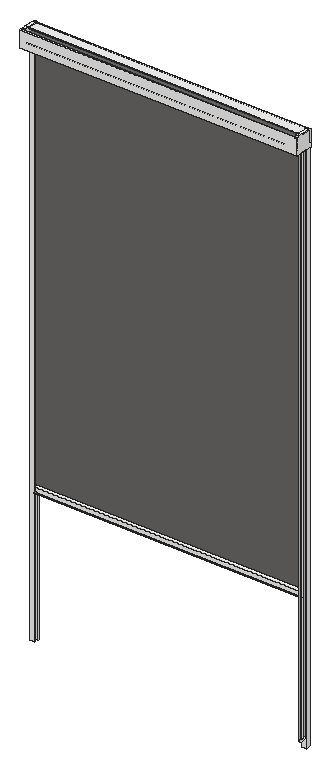
Revit family "Shades-Hunter_Douglas-RB500-Single_Standard_Duty-Clutch-Bracket_Block_Out-3in", category Specialty Equipment, Revit 2024
Family settings
  Round Connector Dimension = Use Diameter
  Part Type = Normal
  OmniClass Number = 23.30.60.14
  OmniClass Title = Interior Window Treatment
  Work Plane-Based = No
  Enable Cutting in Views = No
  Always vertical = Yes
  Cut with Voids When Loaded = No
  Maintain Annotation Orientation = No
  Shared = No
  Room Calculation Point = No
Parameters (values of type "Clutch")
  URL = "https://www.hunterdouglasarchitectural.com/"
  Type Comments = "Block Out Shade"  # constant formula
  Model = "Standard Duty Clutch 3IN Bracket Block Out"  # constant formula
  Manufacturer = "Hunter Douglas Architectural"  # constant formula
  Description = "Standard Duty Clutch Roller Shade"  # constant formula
  Default Elevation = 0' - 0"
  CD_Width [instance] = 4' - 0"
  CD_Warranty = "https://assets.hunterdouglasarchitectural.com/documents/RB500/Lifetime_Guarantee_HDA.pdf?_rand=1465740819000"
  CD_Product Page URL = "https://www.hunterdouglasarchitectural.com/windowcoverings/rollershades/RB500/index.jsp"
  CD_Product Name = "RB 500 Roller Shade System"  # constant formula
  CD_Product Documentation Link = "https://www.hunterdouglasarchitectural.com/windowcoverings/rollershades/RB500/index.jsp#cadDrawing"
  CD_Opening Percentage [instance] = 25
  CD_Microsite = "https://microsite.caddetails.com/1669"
  CD_Install Documentation = "https://www.hunterdouglasarchitectural.com/windowcoverings/rollershades/RB500/index.jsp#installationPage"
  CD_Height Opening [instance] = ((CD_Height - CD_Bracket Height - 0' 1 101/256") * CD_Opening Percentage) / 100  # 1' - 10.90137"
  CD_Height [instance] = 8' - 0"
  CD_Finish Rail = Metal-Aluminum-Hunter_Douglas-Anodized-White
  CD_Finish Frame = Metal-Aluminum-Hunter_Douglas-Anodized-White
  CD_Finish = Fabric-Shade-Hunter_Douglas-5%-E_Screen-Charcoal_Cocoa
  CD_Fabric Sizing Disclaimer = "Designer to verify maximum fabric size with Manufacturer as the maximum fabric size is dependent on finished dimensions"  # constant formula
  CD_Bracket Height = 0' - 3"  # constant formula
  CD_Bracket Depth = 0' - 3 1/32"  # constant formula
  Assembly Code = "E2010300"
Reference planes (in)
  plane 1 "Center (Front/Back)": y = -0.06427
  plane 2 "Bottom": z = 0
  plane 3 "Center (Left/Right)": x = 0
  plane 4 "Top": z = 96
  plane 5 "Left": x = -24
  plane 6 "Right": x = 24
  plane 7 "Back": y = 1.46094
  plane 8 "Front": y = -1.57031
  plane 9 "Opening": z = 22.90137
  plane 10 "Head Height": z = 93
  plane 11 "Shade Left": x = -23.44922
  plane 12 "Shade Right": x = 23.44922
  plane 13 "Blind Location": y = 0.98718
  plane 14 "Center (Elevation)": z = 94.48513
Forms (in)
  Extrusion 1, solid, material "Metal-Aluminum-Hunter_Douglas-Anodized-White" <- "CD_Finish Frame", detail levels coarse
    sketch origin (0, 0, 0) x (0, 1, 0) y (0, 0, 1)
      loop
        line (1.46094, 93) -> (1.46094, 96) -> (-1.57031, 96) -> (-1.57031, 93) -> (1.46094, 93)
    from -24 to 24
  Extrusion 2, solid, material "Metal-Aluminum-Hunter_Douglas-Anodized-White" <- "CD_Finish Rail", detail levels fine
    sketch origin (0, 0, -20.35107) x (0, 1, 0) y (0, 0, 1)
      loop
        line (1.29937, 43.56474) -> (1.29937, 44.33212)
        arc (1.29937, 44.33212) -> (1.0071, 44.64517) -> (0.67475, 44.37505) r 0.31379
        line (0.67475, 44.37505) -> (0.67475, 43.56474)
        arc (0.67475, 43.56474) -> (0.98706, 43.25243) -> (1.29937, 43.56474) r 0.31231
    from -23.44922 to 23.44922
  Extrusion 3, solid, material "Fabric-Shade-Hunter_Douglas-5%-E_Screen-Charcoal_Cocoa" <- "CD_Finish"
    sketch origin (0, 0, 0) x (0, 1, 0) y (0, 0, 1)
      loop
        line (1.00467, 22.90137) -> (1.00467, 93.78125) -> (0.96969, 93.78125) -> (0.96969, 22.90137) -> (1.00467, 22.90137)
    from -23.44922 to 23.44922
  Extrusion 4, solid, material "Metal-Aluminum-Hunter_Douglas-Anodized-White" <- "CD_Finish Rail", detail levels fine
    sketch origin (0, 0, 0) x (1, 0, 0) y (0, 1, 0)
      loop
        line (-23.17198, 1.29937) -> (-23.17198, 1.36218) -> (-24, 1.36218) -> (-24, 0.61218) -> (-23.17198, 0.61218) -> (-23.17198, 0.67475) -> (-23.44922, 0.67475) -> (-23.44922, 1.29937) -> (-23.17198, 1.29937)
      loop
        line (23.17198, 1.29937) -> (23.44922, 1.29937) -> (23.44922, 0.67475) -> (23.17198, 0.67475) -> (23.17198, 0.61218) -> (24, 0.61218) -> (24, 1.36218) -> (23.17198, 1.36218) -> (23.17198, 1.29937)
    from 0 to 93
  Extrusion 5, solid, material "Metal-Aluminum-Hunter_Douglas-Anodized-White" <- "CD_Finish Rail", detail levels coarse
    sketch origin (0, 0, 0) x (1, 0, 0) y (0, 1, 0)
      loop
        line (-24, 1.36218) -> (-24, 0.61218) -> (-23.44922, 0.61218) -> (-23.44922, 1.36218) -> (-24, 1.36218)
      loop
        line (24, 1.36218) -> (23.44922, 1.36218) -> (23.44922, 0.61218) -> (24, 0.61218) -> (24, 1.36218)
    from 0 to 93
  Extrusion 6, solid, material "Fabric-Shade-Hunter_Douglas-5%-E_Screen-Charcoal_Cocoa" <- "CD_Finish"
    sketch origin (0, 0, 0) x (0, 1, 0) y (0, 0, 1)
      loop
        arc (0.88708, 94.09361) -> (-1.00414, 94.45534) -> (0.86036, 93.97449) r 0.96324
        line (0.86036, 93.97449) -> (0.96969, 92.41411) -> (1.00459, 92.41655) -> (0.88708, 94.09361)
    from -23.44922 to 23.44922
  Extrusion 7, solid, material "Metal-Aluminum-Hunter_Douglas-Anodized-White" <- "CD_Finish Frame", detail levels medium+fine
    sketch origin (0, 0, 0.00115) x (0, 1, 0) y (0, 0, 1)
      loop
        arc (0.70388, 92.99885) -> (0.77067, 93.01872) -> (0.81573, 93.07187) r 0.12217
        line (0.81573, 93.07187) -> (-1.4994, 93.07187) -> (-1.4994, 95.87162) -> (-1.57031, 95.87162) -> (-1.57031, 92.99885) -> (0.70388, 92.99885)
    from -24 to 24
  Extrusion 8, solid, material "Metal-Aluminum-Hunter_Douglas-Anodized-White" <- "CD_Finish Frame", detail levels medium+fine
    sketch origin (0, 0, 0.00115) x (0, 1, 0) y (0, 0, 1)
      loop
        line (1.38094, 95.77162) -> (1.38094, 93.95162) -> (1.46094, 93.95162) -> (1.46094, 95.80162)
        arc (1.46094, 95.80162) -> (1.417, 95.90768) -> (1.31094, 95.95162) r 0.15
        line (1.31094, 95.95162) -> (-0.53906, 95.95162) -> (-0.53906, 95.87162) -> (1.28094, 95.87162)
        arc (1.28094, 95.87162) -> (1.35165, 95.84233) -> (1.38094, 95.77162) r 0.1
    from -24 to 24
  Extrusion 9, solid, material "Metal-Aluminum-Hunter_Douglas-Anodized-White" <- "CD_Finish Frame", detail levels medium+fine
    sketch origin (0, 0, 0.00115) x (0, 1, 0) y (0, 0, 1)
      loop
        line (1.46094, 92.99885) -> (1.46094, 95.95162) -> (-1.03906, 95.95162) -> (-1.03906, 95.64988) -> (-1.53906, 95.56173) -> (-1.53906, 92.99885) -> (1.46094, 92.99885)
    from 23.44922 to 24
  Extrusion 10, solid, material "Metal-Aluminum-Hunter_Douglas-Anodized-White" <- "CD_Finish Frame", detail levels medium+fine
    sketch origin (-25.5, 0, 0.00115) x (0, 1, 0) y (0, 0, 1)
      loop
        line (1.46094, 92.99885) -> (1.46094, 95.95162) -> (-1.03906, 95.95162) -> (-1.03906, 95.64988) -> (-1.53906, 95.56173) -> (-1.53906, 92.99885) -> (1.46094, 92.99885)
    from 1.5 to 2.05078
  Sweep 11, solid, material "Metal-Aluminum-Hunter_Douglas-Anodized-White" <- "CD_Finish Frame", detail levels fine
    path origin (15, -16.57319, -0.96158) x (0, 0, 1) y (0, -1, 0)
      loop
        line (2.84654, -17.04267) -> (94.86768, -17.04267)
        arc (94.86768, -17.04267) -> (95.39652, -16.51382) -> (94.86768, -15.98498) r 0.52885
        line (94.86768, -15.98498) -> (2.84654, -15.98498)
        arc (2.84654, -15.98498) -> (2.31769, -16.51382) -> (2.84654, -17.04267) r 0.52885
    profile origin (15, 0.46949, 47.89553) x (0, -1, 0) y (1, 0, 0)
      loop
        circle (0, 8.73437) r 0.08594
Cuts and joins
  joined: Extrusion 3, Extrusion 6
Lines and regions (in)
  Masking region 1, detail levels fine
    outline origin (0, 0, 0) x (0, 1, 0) y (0, 0, 1)
      loop
        arc (1.29937, 23.98105) -> (1.0071, 24.2941) -> (0.67475, 24.02398) r 0.31379
        line (0.67475, 24.02398) -> (0.67475, 23.21368)
        arc (0.67475, 23.21368) -> (0.98706, 22.90137) -> (1.29937, 23.21368) r 0.31231
        line (1.29937, 23.21368) -> (1.29937, 23.98105)
Dimensions and locks (in)
  "CD_Height": plane 4 "Top" to plane 2 "Bottom"
  equal spacing: plane 5 "Left", plane 3 "Center (Left/Right)", plane 6 "Right"
  "CD_Width": plane 5 "Left" to plane 6 "Right"
  plane 1 "Center (Front/Back)" to plane 7 "Back" = 0' - 1.52521"
  "CD_Bracket Depth": plane 8 "Front" to plane 7 "Back"
  Extrusion 2 sketch curve to Extrusion 2 sketch curve to Extrusion 2 sketch curve to Extrusion 2 sketch curve to Extrusion 2 sketch curve to plane 9 "Opening" to Extrusion 2 sketch curve = 0' - 0.27086" locked, 0' - 0.04293" locked, 0' - 0.76737" locked, 0' - 0" locked, 0' - 0.31231" locked, 0' - 0" locked
  Extrusion 2 sketch curve to plane 13 "Blind Location" to Extrusion 2 sketch curve = 0' - 0.31219" locked, 0' - 0.31243" locked
  locked: Extrusion 3 sketch curve to plane 10 "Head Height" at 0.78125
  Extrusion 3 sketch curve to plane 13 "Blind Location" to Extrusion 3 sketch curve = 0' - 0.01749" locked, 0' - 0.01749" locked
  locked: plane 5 "Left" to plane 11 "Shade Left" at 0.55078
  locked: plane 12 "Shade Right" to plane 6 "Right" at 0.55078
  "CD_Height Opening": plane 9 "Opening" to level
  "CD_Bracket Height": plane 4 "Top" to plane 10 "Head Height"
  Masking region 1 sketch curve to Masking region 1 sketch curve to Masking region 1 sketch curve to Masking region 1 sketch curve to Masking region 1 sketch curve to plane 9 "Opening" to Masking region 1 sketch curve = 0' - 0.27086" locked, 0' - 0.04293" locked, 0' - 0.76737" locked, 0' - 0" locked, 0' - 0.31231" locked, 0' - 0" locked
  Masking region 1 sketch curve to plane 13 "Blind Location" to Masking region 1 sketch curve = 0' - 0.31219" locked, 0' - 0.31243" locked
  Extrusion 4 sketch curve to Extrusion 4 sketch curve to plane 12 "Shade Right" to Extrusion 4 sketch curve = 0' - 0" locked, 0' - 0.27724" locked, 0' - 0 141/256" locked
  Extrusion 4 sketch curve to plane 11 "Shade Left" to Extrusion 4 sketch curve to Extrusion 4 sketch curve = 0' - 0 141/256" locked, 0' - 0.27724" locked, 0' - 0" locked
  Extrusion 4 sketch curve to Extrusion 4 sketch curve to plane 13 "Blind Location" to Extrusion 4 sketch curve to Extrusion 4 sketch curve = 0' - 0.06257" locked, 0' - 0.31243" locked, 0' - 0.31219" locked, 0' - 0.06281" locked  (x2)
  Extrusion 5 sketch curve to plane 13 "Blind Location" to Extrusion 5 sketch curve = 0' - 0 3/8" locked, 0' - 0 3/8" locked  (x2)
  Extrusion 9 sketch curve to plane 7 "Back" to Extrusion 9 sketch curve to Extrusion 9 sketch curve = 0' - 0" locked, 0' - 2 1/2" locked, 0' - 0 1/2" locked
  plane 4 "Top" to Extrusion 9 sketch curve to Extrusion 9 sketch curve to Extrusion 9 sketch curve to Extrusion 9 sketch curve = 0' - 0.04724" locked, 0' - 0.30173" locked, 0' - 0.08816" locked, 0' - 2.56287" locked
  plane 4 "Top" to Extrusion 7 sketch curve to Extrusion 7 sketch curve to Extrusion 7 sketch curve = 0' - 0.12724" locked, 0' - 2.79975" locked, 0' - 0.07302" locked
  plane 7 "Back" to Extrusion 7 sketch curve = 0' - 0.63488"
  Extrusion 10 sketch curve to plane 7 "Back" to Extrusion 10 sketch curve to Extrusion 10 sketch curve = 0' - 0" locked, 0' - 2 1/2" locked, 0' - 0 1/2" locked
  plane 4 "Top" to Extrusion 10 sketch curve to Extrusion 10 sketch curve to Extrusion 10 sketch curve to Extrusion 10 sketch curve = 0' - 0.04724" locked, 0' - 0.30173" locked, 0' - 0.08816" locked, 0' - 2.56287" locked
  plane 7 "Back" to Extrusion 6 sketch curve to Extrusion 6 sketch curve to Extrusion 6 sketch curve = 0' - 0.45635" locked, 0' - 0.0349" locked, 0' - 1.99719" locked
  plane 4 "Top" to Extrusion 6 sketch curve to Extrusion 6 sketch curve to Extrusion 6 sketch curve to Extrusion 6 sketch curve to Extrusion 6 sketch curve = 0' - 0.79228" locked, 0' - 1.11411" locked, 0' - 0.11912" locked, 0' - 1.55794" locked, 0' - 0.00245" locked
  Extrusion 8 sketch curve to plane 7 "Back" to Extrusion 8 sketch curve to Extrusion 8 sketch curve = 0' - 0" locked, 0' - 0.08" locked, 0' - 1.92" locked
  plane 4 "Top" to Extrusion 8 sketch curve to Extrusion 8 sketch curve to Extrusion 8 sketch curve = 0' - 0.04724" locked, 0' - 0.08" locked, 0' - 1.92" locked
  locked: Sweep 11 sketch curve to profile plane at 0.08594
  plane 13 "Blind Location" to Sweep 11 sketch curve to Sweep 11 sketch curve = 0' - 0.51769" locked, 0' - 1.05769" locked
  plane 4 "Top" to Sweep 11 sketch curve = 0' - 1.56506"
  Sweep 11 sketch curve to level = 0' - 1.35611"
  locked: plane 14 "Center (Elevation)" to plane 10 "Head Height" at 1.48513
  locked: plane 8 "Front" to plane 1 "Center (Front/Back)" at 1.50604
  locked: Sweep 11 sketch curve to plane 6 "Right" at 0.17969
  Extrusion 7 sketch curve to Extrusion 7 sketch curve to plane 8 "Front" = 0' - 0.07091" locked, 0' - 0" locked
  aligned and locked: plane 2 "Bottom" to level
  aligned and locked: plane 4 "Top" to Extrusion 1 sketch curve
  aligned and locked: plane 8 "Front" to Extrusion 1 sketch curve
  aligned and locked: Extrusion 1 sketch curve to plane 7 "Back"
  aligned and locked: Extrusion 1 sketch curve to plane 10 "Head Height"
  aligned and locked: Extrusion 1 to plane 5 "Left"
  aligned and locked: plane 6 "Right" to Extrusion 1
  aligned and locked: Extrusion 3 to plane 11 "Shade Left"
  aligned and locked: plane 12 "Shade Right" to Extrusion 3
  aligned and locked: Extrusion 2 to plane 11 "Shade Left"
  aligned and locked: plane 12 "Shade Right" to Extrusion 2
  aligned and locked: Extrusion 3 to plane 9 "Opening"
  aligned and locked: plane 10 "Head Height" to Extrusion 4
  aligned and locked: Extrusion 4 to level
  aligned and locked: Extrusion 5 sketch curve to plane 5 "Left"
  aligned and locked: plane 11 "Shade Left" to Extrusion 5 sketch curve
  aligned and locked: Extrusion 5 sketch curve to plane 6 "Right"
  aligned and locked: plane 12 "Shade Right" to Extrusion 5 sketch curve
  aligned and locked: Extrusion 5 to level
  aligned and locked: plane 10 "Head Height" to Extrusion 5
  aligned and locked: Extrusion 6 to plane 11 "Shade Left"
  aligned and locked: plane 12 "Shade Right" to Extrusion 6
  aligned and locked: Extrusion 7 to plane 5 "Left"
  aligned and locked: Extrusion 10 to plane 5 "Left"
  aligned and locked: plane 11 "Shade Left" to Extrusion 10
  aligned and locked: Extrusion 8 to plane 5 "Left"
  aligned and locked: plane 6 "Right" to Extrusion 7
  aligned and locked: plane 6 "Right" to Extrusion 9
  aligned and locked: Extrusion 9 to plane 12 "Shade Right"
  aligned and locked: plane 6 "Right" to Extrusion 8
Automatic sketch dimensions
  plane 9 "Opening" to Extrusion 3 sketch curve = 0' - 0"
  Extrusion 7 sketch curve to plane 1 "Center (Front/Back)" = 0' - 0.76815"
  plane 7 "Back" to Extrusion 8 sketch curve = 0' - 0.15"
  Extrusion 8 sketch curve to Extrusion 8 sketch curve = 0' - 0.03"
  Sweep 11 sketch curve to profile plane = 0' - 0"
  Extrusion 4 sketch curve to Extrusion 4 sketch curve = 0' - 0 141/256"  (x2)
